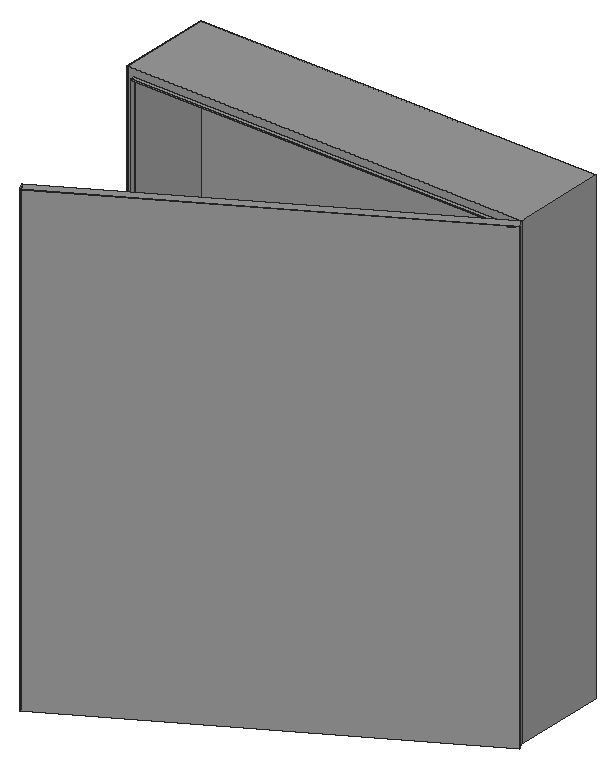
Revit family "Hager-Univers-IP44-D205-H950-Cl.I-encl-NoHosted-PL-pl", category Electrical Equipment, Revit 2020
Family settings
  Panel Configuration = Two Columns, Circuits Across
  Round Connector Dimension = Use Diameter
  Part Type = Panelboard
  Work Plane-Based = Yes
  Always vertical = Yes
  Cut with Voids When Loaded = No
  Shared = No
  Room Calculation Point = No
Parameters (values of type "Montaż natynkowy IP44 S800 W950 G205  - FP63TN2")
  Width Control [instance] = if([EF000008 - Szerokość] > Min Width, [EF000008 - Szerokość], Min Width)  # 800 mm
  Type Comments = [HG000003 - Zakres]  # "Univers"
  Thickness Door [instance] = if([EF009171 - Drzwi/pokrywa z materiału o wysokiej wytrzymałości mechanicznej] > 3 mm, 3 mm, [EF009171 - Drzwi/pokrywa z materiału o wysokiej wytrzymałości mechanicznej])  # 1 mm
  Seal Frame Offset [instance] = 17 mm  # constant formula
  Plinth Visibility [instance] = [HG000027 - Wysokość cokołu] > 0 mm  # no
  Min Width [instance] = 100 mm  # constant formula
  Min Depth [instance] = (2 * [EF009170 - Obudowa z materiału o wysokiej wytrzymałości mechanicznej]) + 1 mm  # 3 mm
  Min Height [instance] = 100 mm  # constant formula
  Internal Frame Depth [instance] = (Door System Depth * 0.5)  # 9 mm
  Panel Name [instance] = ""  # (empty or 0)
  Model = ""
  HG000027 - Wysokość cokołu = 0 mm
  HG000026 - Stojąca = no
  HG000024 - Wysokość części dolnej = 600 mm
  HG000023 - Obudowa dwusekcyjna = no
  HG000016 - Widoczność drzwi w widoku 3D [instance] = yes
  HG000015 - Przestrzeń robocza - otwarcie drzwi [instance] = no
  HG000014 - Drzwi prawe [instance] = yes
  HG000013 - Drzwi lewe [instance] = not([HG000014 - Drzwi prawe])  # no
  HG000012 - Kąt otwarcia drzwi [instance] = 30.00°
  HG000010 - Drzwi asymetryczne = no
  HG000009 - Drzwi dwuskrzydłowe = no
  HG000006 - Montaż podtynkowy = no
  HG000004 - Referencja producenta = "FP63TN2"
  HG000003 - Zakres = "Univers"
  HG000002 - Z drzwiami lub pokrywą = yes
  Frame Offset Bottom [instance] = 10 mm  # constant formula
  Frame Offset [instance] = 15 mm  # constant formula
  EF015940 - Pokrywa z wyzwalaczem nadciśnieniowym = no
  EF011959 - Stopień ochrony (NEMA) = ""
  EF009554 - Liczba otworów pod flansze = 6
  EF009212 - Wykonanie pokrywy = "EV000116 - Zamknięty"
  EF009171 - Drzwi/pokrywa z materiału o wysokiej wytrzymałości mechanicznej = 1 mm
  EF009170 - Obudowa z materiału o wysokiej wytrzymałości mechanicznej = 1 mm
  EF008873 - Prąd znamionowy (In) = 250 A
  EF007800 - Do ochrony odgromowej = no
  EF006306 - Z zamkiem = no
  EF006244 - Transparentna pokrywa/drzwi = no
  EF005474 - Stopień ochrony (IP) = "EV006418 - IP44"
  EF004464 - Rodzaj drzwi = "EV002646 - Pojedynczy"
  EF004427 - Liczba modułów = 216
  EF004293 - Odporność udarowa = "EV006815 - IK09"
  EF003532 - Do zastosowań zewnętrznych = no
  EF002950 - Szerokość wyrażona liczbą modułów = 36
  EF001613 - Podtrzymanie funkcji = "EV000494 - Brak"
  EF001596 - Materiał obudowy = "EV000179 - Stal"
  EF001131 - Głębokość wewnętrzna = 130 mm
  EF001088 - Możliwość rozbudowy = yes
  EF000437 - Liczba wejść kablowych = 6
  EF000339 - Rodzaj pokrywy = "EV001012 - Pokrywa"
  EF000266 - Liczba rzędów = 6
  EF000218 - Głębokość wbudowania = 205 mm
  EF000118 - Z płytą montażową = no
  EF000116 - Numer RAL = "9010"
  EF000049 - Głębokość = 205 mm
  EF000040 - Wysokość = 950 mm
  EF000008 - Szerokość = 800 mm
  EF000007 - Kolor = "EV000202 - Biały"
  EF000003 - Sposób montażu = "EV000384 - Montaż natynkowy"
  Door System Leaf Tolerance [instance] = 1.5 mm  # constant formula
  Door System Depth [instance] = 18 mm  # constant formula
  Door Height [instance] = Height Control - [HG000027 - Wysokość cokołu]  # 950 mm
  Description = ""
  Default Elevation = 1219.2 mm
  Connector Offset [instance] = Height Control / 2  # 475 mm
  Manufacturer = "Hager"  # constant formula
  Height Control [instance] = if([EF000040 - Wysokość] > Min Height, [EF000040 - Wysokość], Min Height)  # 950 mm
  Depth Control [instance] = if([EF000049 - Głębokość] > Min Depth, [EF000049 - Głębokość], Min Depth)  # 205 mm
  Bottom Top Plate Trim [instance] = 1.5 mm  # constant formula
  Plinth height Ctrl [instance] = if([HG000027 - Wysokość cokołu] > 0 mm, [HG000027 - Wysokość cokołu], 12 mm)  # 12 mm
Types (5, lengths in mm): name | Width Control | HG000010 - Drzwi asymetryczne | HG000009 - Drzwi dwuskrzydłowe | HG000004 - Referencja producenta | EF009554 - Liczba otworów pod flansze | EF004464 - Rodzaj drzwi | EF004427 - Liczba modułów | EF002950 - Szerokość wyrażona liczbą modułów | EF000437 - Liczba wejść kablowych | EF000008 - Szerokość
  Montaż natynkowy IP44 S1050 W950 G205  - FP64TN2 | 1050 | no | yes | "FP64TN2" | 8 | "EV003602 - Podwójny" | 288 | 48 | 8 | 1050
  Montaż natynkowy IP44 S1300 W950 G205  - FP65TN2 | 1300 | yes | yes | "FP65TN2" | 10 | "EV003602 - Podwójny" | 360 | 60 | 10 | 1300
  Montaż natynkowy IP44 S300 W950 G205  - FP61TN2 | 300 | no | no | "FP61TN2" | 2 | "EV002646 - Pojedynczy" | 72 | 12 | 2 | 300
  Montaż natynkowy IP44 S550 W950 G205  - FP62TN2 | 550 | no | no | "FP62TN2" | 4 | "EV002646 - Pojedynczy" | 144 | 24 | 4 | 550
  Montaż natynkowy IP44 S800 W950 G205  - FP63TN2 | 800 | no | no | "FP63TN2" | 6 | "EV002646 - Pojedynczy" | 216 | 36 | 6 | 800
Reference planes
  plane 1 "Center (Front/Back)": y = 0
  plane 2: z = 0
  plane 3 "Center (Left/Right)": x = 0
  plane 4: y = 0
  plane 5: y = 0
  plane 6: z = 0
  plane 7: x = -400
  plane 8: x = 400
  plane 9: x = 399
  plane 10: x = -399
  plane 11: z = 0
  plane 12: z = 1
  plane 13: y = -205
  plane 14: y = -1
  plane 15: x = 0
  plane 16: y = -187
  plane 17: y = -204
  plane 18: y = -186
  plane 19: x = -384
  plane 20: x = 384
  plane 21: z = 11
  plane 22: x = -383
  plane 23: x = 383
  plane 24: z = 0
  plane 25: z = 950
  plane 26: z = 950
  plane 27: z = 934
  plane 28: z = 949
Forms (mm)
  Extrusion 1, solid, material "Hager_Steel_RAL7035_Light_Grey", detail levels medium+fine
    sketch origin (-208.679, -4572, 0) x (-1, 0, 0) y (0, -1, 0)
      loop
        line (191.321, -4385) -> (-608.679, -4385) -> (-608.679, -4572) -> (191.321, -4572) -> (191.321, -4385)
    from 0 to 950
  Extrusion 2, void
    sketch origin (-350.771, -205, 1219.2) x (1, 0, 0) y (0, 0, 1)
      loop
        line (-48.229, -270.2) -> (-48.229, -1218.2) -> (749.771, -1218.2) -> (749.771, -270.2) -> (-48.229, -270.2)
    from -19 to -204
  Extrusion 3, void
    sketch origin (-290.084, -187, 1219.2) x (1, 0, 0) y (0, 0, 1)
      loop
        line (-93.916, -1208.2) -> (674.084, -1208.2) -> (674.084, -285.2) -> (-93.916, -285.2) -> (-93.916, -1208.2)
    from 0 to -1
  Extrusion 4, solid, material "Hager_Steel_RAL7035_Light_Grey", visible <- "Plinth Visibility", detail levels medium+fine
    sketch origin (0, 0, 0) x (1, 0, 0) y (0, 1, 0)
      loop
        line (-400, 0) -> (-400, -187) -> (400, -187) -> (400, 0) -> (-400, 0)
    from 0 to 12 <- "Plinth height Ctrl"
  Extrusion 5, solid, material "Hager_Steel_RAL7035_Light_Grey", detail levels coarse
    sketch origin (0, 0, 0) x (1, 0, 0) y (0, 1, 0)
      loop
        line (-400, 0) -> (-400, -205) -> (400, -205) -> (400, 0) -> (-400, 0)
    from 0 to 950 <- "Height Control"
  Sweep 6, void
    path in 3D
      loop
        line (-400, -187, 12) -> (400, -187, 12) -> (400, 0, 12) -> (-400, 0, 12) -> (-400, -187, 12)
    profile origin (-400, -93.5, 12) x (1, 0, 0) y (0, 0, 1)
      loop
        line (0, 0) -> (0, -1.5) -> (1.5, -1.5)
        arc (1.5, -1.5) -> (1.061, -0.439) -> (0, 0) r 1.5
  Extrusion 7, solid, material "Hager_Steel_RAL7035_Light_Grey", detail levels fine
    sketch origin (-400, -187, 0) x (1, 0, 0) y (0, 0, 1)
      loop
        line (16, 11) -> (784, 11) -> (784, 934) -> (16, 934) -> (16, 11)
      loop
        line (15, 10) -> (785, 10) -> (785, 935) -> (15, 935) -> (15, 10)
    from 0 to 9 <- "Internal Frame Depth"
Cuts and joins
  Extrusion 2, Extrusion 3 cuts Extrusion 1
  Sweep 6 cuts Extrusion 4
Lines and regions (mm)
  Masking region 1
    outline origin (0, 0, 0) x (1, 0, 0) y (0, 1, 0)
      loop
        line (-400, 0) -> (-400, -205) -> (400, -205) -> (400, 0) -> (-400, 0)
  Masking region 2, detail levels coarse
    outline origin (-290.084, -187, 1219.2) x (-1, 0, 0) y (0, 0, 1)
      loop
        line (-690.084, -1219.2) -> (109.916, -1219.2) -> (109.916, -269.2) -> (-690.084, -269.2) -> (-690.084, -1219.2)
  Masking region 3, detail levels coarse
    outline origin (0, 0, 0) x (0, 1, 0) y (0, 0, 1)
      loop
        line (0, 0) -> (0, 950) -> (-205, 950) -> (-205, 0) -> (0, 0)
  Masking region 4, visible <- "Plinth Visibility", detail levels medium+fine
    outline origin (0, 0, 0) x (0, 1, 0) y (0, 0, 1)
      loop
        line (-1.5, 12) -> (-185.5, 12)
        arc (-185.5, 12) -> (-185.939, 10.939) -> (-187, 10.5) r 1.5
        line (-187, 10.5) -> (-187, 0) -> (0, 0) -> (0, 10.5)
        arc (0, 10.5) -> (-1.061, 10.939) -> (-1.5, 12) r 1.5
  Masking region 5, detail levels medium+fine
    outline origin (0, 0, 594.038) x (0, 1, 0) y (0, 0, 1)
      loop
        line (0, -594.038) -> (0, 355.962) -> (-187, 355.962) -> (-187, -594.038) -> (0, -594.038)
  Masking region 6, detail levels medium+fine
    outline origin (-359.7, -187, 1211.883) x (-1, 0, 0) y (0, 0, 1)
      loop
        line (-759.7, -1211.883) -> (40.3, -1211.883) -> (40.3, -261.883) -> (-759.7, -261.883) -> (-759.7, -1211.883)
  Masking region 7, visible <- "Plinth Visibility", detail levels medium+fine
    outline origin (-320.334, -187, 1041.368) x (-1, 0, 0) y (0, 0, 1)
      loop
        line (-720.334, -1041.368) -> (79.666, -1041.368) -> (79.666, -1030.868)
        arc (79.666, -1030.868) -> (78.606, -1030.429) -> (78.166, -1029.368) r 1.5
        line (78.166, -1029.368) -> (-718.834, -1029.368)
        arc (-718.834, -1029.368) -> (-719.273, -1030.429) -> (-720.334, -1030.868) r 1.5
        line (-720.334, -1030.868) -> (-720.334, -1041.368)
  sketch lines
    curve 1: line (-400, 0, 12) -> (-400, -187, 12)
    curve 2: line (-400, -187, 12) -> (400, -187, 12)
    curve 3: line (400, 0, 12) -> (-400, 0, 12)
    curve 4: line (400, -187, 12) -> (400, 0, 12)
Dimensions and locks
  locked: plane 1 "Center (Front/Back)" to plane 5
  "EF009170 - Obudowa z materiału o wysokiej wytrzymałości mechanicznej": plane 7 to plane 10
  "EF009170 - Obudowa z materiału o wysokiej wytrzymałości mechanicznej": plane 8 to plane 9
  equal spacing: plane 7, plane 3 "Center (Left/Right)", plane 8
  "Width Control": plane 7 to plane 8
  "Depth Control": plane 4 to plane 13
  "EF009170 - Obudowa z materiału o wysokiej wytrzymałości mechanicznej": plane 4 to plane 14
  "Height Control": plane 25 to level
  "HG000027 - Wysokość cokołu": plane 11 to level
  "EF009170 - Obudowa z materiału o wysokiej wytrzymałości mechanicznej": plane 12 to plane 11
  "EF009170 - Obudowa z materiału o wysokiej wytrzymałości mechanicznej": plane 17 to plane 13
  "EF009170 - Obudowa z materiału o wysokiej wytrzymałości mechanicznej": plane 18 to plane 16
  "Frame Offset Bottom": plane 21 to plane 12
  "Frame Offset": plane 10 to plane 19
  "Frame Offset": plane 9 to plane 20
  "Door System Depth": plane 16 to plane 13
  "Seal Frame Offset": plane 7 to plane 22
  "Seal Frame Offset": plane 8 to plane 23
  "EF009170 - Obudowa z materiału o wysokiej wytrzymałości mechanicznej": plane 26 to plane 28
  "Frame Offset": plane 28 to plane 27
  "Connector Offset": plane 2 to connector elem
  "Bottom Top Plate Trim": profile plane to Sweep 6 sketch curve
  "Bottom Top Plate Trim": Sweep 6 sketch curve to Sweep 6 sketch curve
  "Plinth height Ctrl": Masking region 4 sketch curve to level
  "Plinth height Ctrl": Masking region 7 sketch curve to level
  "Thickness Door": Extrusion 7 sketch curve to Extrusion 7 sketch curve  (x4)
  "Bottom Top Plate Trim": radius of Sweep 6 sketch curve
  "Bottom Top Plate Trim": radius of Masking region 4 sketch curve  (x2)
  "Bottom Top Plate Trim": radius of Masking region 7 sketch curve  (x2)
  aligned and locked: Extrusion 2 sketch curve to plane 12
  aligned and locked: Extrusion 2 sketch curve to plane 9
  aligned and locked: Extrusion 2 sketch curve to plane 10
  aligned and locked: Extrusion 2 to plane 14
  aligned and locked: Extrusion 1 sketch curve to plane 4
  aligned and locked: plane 8 to Extrusion 1 sketch curve
  aligned and locked: plane 7 to Extrusion 1 sketch curve
  aligned and locked: Extrusion 2 to plane 18
  aligned and locked: Extrusion 3 sketch curve to plane 19
  aligned and locked: plane 20 to Extrusion 3 sketch curve
  aligned and locked: Extrusion 3 to Extrusion 2
  aligned and locked: Extrusion 3 sketch curve to plane 21
  aligned and locked: plane 3 "Center (Left/Right)" to nested 1
  aligned and locked: Extrusion 1 sketch curve to plane 16
  aligned and locked: Extrusion 4 sketch curve to cut or joined group of Extrusion 1, Extrusion 2, Extrusion 3
  aligned and locked: Masking region 1 sketch curve to plane 7
  aligned and locked: Masking region 1 sketch curve to plane 5
  aligned and locked: Masking region 1 sketch curve to plane 8
  aligned and locked: Masking region 2 sketch curve to level
  aligned and locked: level to Masking region 3 sketch curve
  aligned and locked: plane 1 "Center (Front/Back)" to Masking region 3 sketch curve
  aligned and locked: plane 13 to Masking region 3 sketch curve
  aligned and locked: plane 5 to Masking region 4 sketch curve
  aligned and locked: Masking region 2 sketch curve to plane 8
  aligned and locked: Masking region 2 sketch curve to plane 7
  aligned and locked: plane 7 to nested 2
  aligned and locked: nested 2 to plane 5
  aligned and locked: plane 5 to Masking region 5 sketch curve
  aligned and locked: plane 26 to Masking region 5 sketch curve
  aligned and locked: Extrusion 5 sketch curve to plane 8
  aligned and locked: Extrusion 5 sketch curve to plane 7
  aligned and locked: Extrusion 5 sketch curve to plane 5
  aligned and locked: Extrusion 3 sketch curve to plane 27
  aligned and locked: Extrusion 2 sketch curve to plane 28
  aligned and locked: Masking region 2 to plane 25
  aligned and locked: Extrusion 4 to plane 16
  aligned and locked: profile plane to Sweep 6 sketch curve
  aligned and locked: Masking region 5 sketch curve to plane 24
  aligned and locked: level to Masking region 4 sketch curve
  aligned and locked: Masking region 1 to plane 13
  aligned and locked: nested 1 to plane 16
  aligned and locked: Masking region 3 to plane 25
  aligned and locked: plane 16 to Masking region 4 sketch curve
  aligned and locked: Masking region 5 sketch curve to plane 16
  aligned and locked: plane 24 to plane 11
  aligned and locked: plane 26 to plane 25
  aligned and locked: plane 26 to cut or joined group of Extrusion 1, Extrusion 2, Extrusion 3
  aligned and locked: nested 1 to plane 24
  aligned and locked: Extrusion 1 to Extrusion 3
  aligned and locked: Masking region 6 sketch curve to plane 8
  aligned and locked: Masking region 6 sketch curve to plane 24
  aligned and locked: Masking region 6 sketch curve to plane 7
  aligned and locked: Masking region 6 sketch curve to plane 26
  aligned and locked: Masking region 7 sketch curve to plane 7
  aligned and locked: level to Masking region 7 sketch curve
  aligned and locked: Masking region 7 sketch curve to plane 8
  aligned and locked: Extrusion 7 sketch curve to cut or joined group of Extrusion 1, Extrusion 2, Extrusion 3  (x4)
Automatic sketch dimensions
  plane 19 to Extrusion 3 sketch curve = 0 mm
  Extrusion 3 sketch curve to plane 20 = 0 mm
  Extrusion 3 sketch curve to plane 21 = 0 mm
  Extrusion 4 sketch curve to plane 7 = 0 mm
  Extrusion 4 sketch curve to plane 8 = 0 mm
  Extrusion 4 sketch curve to plane 16 = 0 mm
  Masking region 1 sketch curve to plane 13 = 0 mm
  Masking region 2 sketch curve to plane 25 = 0 mm
  Masking region 3 sketch curve to plane 25 = 0 mm
  Extrusion 5 sketch curve to plane 13 = 0 mm
  profile plane to Sweep 6 sketch curve = 0 mm
Nested families
  nested 1: "EC000058_Univers_Door" at (0, -187, 0), Double <- "HG000009 - Drzwi dwuskrzydłowe", Transparent <- "EF006244 - Transparentna pokrywa/drzwi", Angle <- "HG000012 - Kąt otwarcia drzwi", Door_Right <- "HG000014 - Drzwi prawe", Assymetrical <- "HG000010 - Drzwi asymetryczne", Door <- "HG000002 - Z drzwiami lub pokrywą", Width_Ctrl <- "Width Control", 3d_Door <- "HG000016 - Widoczność drzwi w widoku 3D", Clearance <- "HG000015 - Przestrzeń robocza - otwarcie drzwi", Door_Left <- "HG000013 - Drzwi lewe", Width <- "Width Control", Door_Depth <- "Door System Depth", Leaf_Tolerance <- "Door System Leaf Tolerance", Height <- "Door Height", Lock_Visibility <- "EF006306 - Z zamkiem", Thickness <- "Thickness Door", type "EC000058_Univers_Door", detail levels medium+fine
    with min_wh 3 mm, Width_Ctrl 800 mm, Width 800 mm, Transparent no, Thickness 1 mm, Seal_Material Hager_Rubber, Lock_Visibility no, Lock_Material Hager_Plastic_RAL9005_Jet_Black, Leaf_Width 800 mm, Leaf_Tolerance_External_Sides 0 mm, Leaf_Tolerance 1.5 mm, Leaf_Offset 0 mm, Leaf_Height 947 mm, Leaf_2_Width 800 mm, Leaf_2_Offset 400 mm, Leaf_1_Width 800 mm, Leaf_1_Offset 400 mm, Height_Ctrl 950 mm, Height 950 mm, Glass_Material Hager_Glass, Double_Clearance_Ctrl no, Double no, Door_Right_Ctrl yes, Door_Right yes, Door_Material Hager_Steel_RAL7035_Light_Grey, Door_Left_Ctrl no, Door_Left no, Door_Depth 18 mm, Door yes, Clearance_Material Hager_Clearance, Clearance_Depth 800 mm, Clearance_Ctrl no, Clearance no, Assymetrical no, Angle 30.00°, 3d_Door yes
  nested 2: "Hager_Enclosure_Symbol" at (-400, 0, 0), Height <- "Depth Control", Width <- "Width Control", type "Hager_Enclosure_Symbol"
    with Width_Ctrl 800 mm, Width 800 mm, Height_Ctrl 205 mm, Height 205 mm, A_Width_Int 13.453 mm, A_Width 161.438 mm, A_Height_Ctrl 179.375 mm, A_Height 179.375 mm
Connectors
  electrical at (0, 0, 475)
    settings: on plane 1 "Center (Front/Back)", index 1, voltage 0 V, apparent load 0 VA, apparent load phase1 0 VA, apparent load phase2 0 VA, apparent load phase3 0 VA, power factor 1, load classification "Other", number of poles 1, system type 30, power factor state 1, is connector primary yes, connector utility no, sub classification motor no, connector description ""
Definition of nested family "EC000058_Univers_Door"
  Parameters (values of type "EC000058_Univers_Door")
    min_wh [instance] = (2 * Thickness) + 1 mm  # 11 mm
    Width_Ctrl [instance] = 400 mm
    Width [instance] = 500 mm
    Transparent [instance] = yes
    Thickness [instance] = 5 mm
    Seal_Material [instance] = none
    Lock_Visibility [instance] = yes
    Lock_Material [instance] = none
    Leaf_Width [instance] = if((Width_Ctrl - 2 * Leaf_Tolerance_External_Sides) > 0 mm, (Width_Ctrl - 2 * Leaf_Tolerance_External_Sides), min_wh)  # 400 mm
    Leaf_Tolerance_External_Sides [instance] = 0 mm  # constant formula
    Leaf_Tolerance [instance] = 1.5 mm
    Leaf_Offset [instance] = 0 mm  # constant formula
    Leaf_Height [instance] = if((Height_Ctrl - 2 * Leaf_Tolerance) > 0 mm, (Height_Ctrl - 2 * Leaf_Tolerance), min_wh)  # 497 mm
    Leaf_2_Width [instance] = if(and(and(Double, Assymetrical), Door_Left), (Leaf_Width / 3) - (Leaf_Tolerance / 2), if(and(and(Double, Assymetrical), Door_Right), (Leaf_Width / 3) * 2 - (Leaf_Tolerance / 2), if(and(Double, not(Assymetrical)), (Leaf_Width / 2) - Leaf_Tolerance, Leaf_Width)))  # 400 mm
    Leaf_2_Offset [instance] = if(and(Double, Assymetrical), Leaf_2_Width / 2, if(and(Double, not(Assymetrical)), Leaf_Width / 4, Leaf_Width / 2))  # 200 mm
    Leaf_1_Width [instance] = if(and(and(Double, Assymetrical), Door_Right), (Leaf_Width / 3) - (Leaf_Tolerance / 2), if(and(and(Double, Assymetrical), Door_Left), (Width / 3) * 2 - (Leaf_Tolerance / 2), if(and(Double, not(Assymetrical)), (Leaf_Width / 2) - Leaf_Tolerance, Leaf_Width)))  # 400 mm
    Leaf_1_Offset [instance] = if(and(Double, Assymetrical), Leaf_1_Width / 2, if(and(Double, not(Assymetrical)), Leaf_Width / 4, Leaf_Width / 2))  # 200 mm
    Height_Ctrl [instance] = if(Height > min_wh, Height, min_wh)  # 500 mm
    Height [instance] = 500 mm
    Glass_Material [instance] = none
    Double_Clearance_Ctrl [instance] = and(Double, Clearance)  # no
    Double [instance] = no
    Door_Right_Ctrl [instance] = and(or(Door_Right, Double), Door)  # yes
    Door_Right [instance] = yes
    Door_Material [instance] = none
    Door_Left_Ctrl [instance] = and(or(Door_Left, Double), Door)  # no
    Door_Left [instance] = no
    Door_Depth [instance] = 30 mm
    Door [instance] = yes
    Default Elevation = 1219.2 mm
    Clearance_Material [instance] = none
    Clearance_Depth [instance] = if(Leaf_1_Width > Leaf_2_Width, Leaf_1_Width, Leaf_2_Width)  # 400 mm
    Clearance_Ctrl [instance] = and(not(Double), Clearance)  # yes
    Clearance [instance] = yes
    Assymetrical [instance] = yes
    Angle [instance] = 30.00°
    3d_Door [instance] = yes
  Reference planes
    plane 1 "Center (Front/Back)": y = 0
    plane 2 "Bottom": z = 0
    plane 3 "Center (Left/Right)": x = 0
    plane 4: z = 500
    plane 5: x = -200
    plane 6: x = 200
    plane 7: z = 500
    plane 8: x = -200
    plane 9: z = 0
    plane 10: x = 200
    plane 11: y = 0
    plane 12: z = 1.5
    plane 13: x = -600
    plane 14: y = -400
    plane 15: x = 600
    plane 16: x = 0
    plane 17: x = 0
    plane 18: x = -200
    plane 19: x = 200
    plane 20: z = 498.5
  Forms (mm)
    Extrusion 1, solid, material <- "Clearance_Material", visible <- "Double_Clearance_Ctrl"
      sketch origin (1200, 0, 0) x (1, 0, 0) y (0, 0, -1)
        loop
          line (-1800, -498.5) -> (-600, -498.5) -> (-600, 0) -> (-1800, 0) -> (-1800, -498.5)
      from 0 to -400
  Dimensions and locks
    equal spacing: plane 5, plane 3 "Center (Left/Right)", plane 6
    "Width_Ctrl": plane 5 to plane 6
    "Leaf_Offset": plane 5 to plane 8
    "Leaf_Offset": plane 6 to plane 10
    "Leaf_Offset": plane 9 to level
    "Leaf_Offset": plane 4 to plane 7
    "Height_Ctrl": plane 4 to level
    "Leaf_Tolerance": plane 12 to plane 9
    locked: plane 11 to plane 1 "Center (Front/Back)"
    "Leaf_1_Offset": plane 18 to plane 16
    "Leaf_2_Offset": plane 17 to plane 19
    "Leaf_1_Width": plane 13 to plane 8
    "Leaf_2_Width": plane 10 to plane 15
    "Clearance_Depth": plane 14 to plane 1 "Center (Front/Back)"
    "Leaf_Tolerance_External_Sides": plane 8 to plane 18
    "Leaf_Tolerance_External_Sides": plane 19 to plane 10
    "Leaf_Tolerance": plane 7 to plane 20
    aligned and locked: level to plane 2 "Bottom"
    aligned and locked: nested 1 to plane 16
    aligned and locked: nested 2 to plane 17
    aligned and locked: Extrusion 1 to plane 13
    aligned and locked: plane 15 to Extrusion 1
    aligned and locked: Extrusion 1 to plane 14
    aligned and locked: plane 12 to nested 1
    aligned and locked: nested 2 to plane 12
    aligned and locked: Extrusion 1 to plane 11
    aligned and locked: plane 20 to Extrusion 1
    aligned and locked: nested 2 to plane 11
    aligned and locked: nested 1 to plane 11
  Automatic sketch dimensions
    Extrusion 1 sketch curve to level = 0 mm
    plane 5 to Extrusion 1 sketch curve = 400 mm
    plane 6 to Extrusion 1 sketch curve = 400 mm
    Extrusion 1 sketch curve to plane 4 = 1.5 mm
  Nested families
    nested 1: "EC000058_Univers_Door_Leaf" at (0, 0, 1.5), Width <- "Leaf_1_Width", visible <- "Door_Left_Ctrl", Leaf_Height <- "Leaf_Height", Angle <- "Angle", 3d_Door <- "3d_Door", Transparent <- "Transparent", Clearance Material <- "Clearance_Material", Clearance <- "Clearance_Ctrl", Door_Material <- "Door_Material", Glass_Material <- "Glass_Material", Door_Depth <- "Door_Depth", Lock_Material <- "Lock_Material", Seal_Material <- "Seal_Material", Lock_Visibility <- "Lock_Visibility", Thickness <- "Thickness", type "EC000058_Univers_Door_Leaf"
      with Width 400 mm, Transparent_Glass_Offset 30 mm, Transparent_Ctrl yes, Transparent yes, Thickness 5 mm, Standard no, Seal_Material none, Seal_D2 8 mm, Seal_D1 1 mm, Offset_Internal_Frame 10 mm, Lock_Width 20 mm, Lock_Visibility_3d yes, Lock_Visibility yes, Lock_Thickness_3 3 mm, Lock_Thickness_2 1 mm, Lock_Thickness_1 3 mm, Lock_Radius_Offset_2 16 mm, Lock_Radius_Offset_1 15 mm, Lock_Radius_2 5 mm, Lock_Radius 6 mm, Lock_Offset 5 mm, Lock_Material none, Lock_Height 80 mm, Lock_Cover_Top_Offset_2d 17 mm, Lock_Cover_Height -65 mm, Leaf_Height 497 mm, Internal_Seal_Thickness 8 mm, Internal_Seal_Depth_2 4.5 mm, Internal_Frame_Depth 25 mm, Glass_Thickness -1 mm, Glass_Offset -2 mm, Glass_Material none, Door_Material none, Door_Depth 30 mm, Clearance Material none, Clearance yes, Angle_Ctrl 30.00°, Angle 30.00°, 3d_Door yes
    nested 2: "EC000058_Univers_Door_Leaf" at (0, 0, 1.5) x (-1, 0, 0) z (0, 0, 1), Width <- "Leaf_2_Width", visible <- "Door_Right_Ctrl", Leaf_Height <- "Leaf_Height", Angle <- "Angle", 3d_Door <- "3d_Door", Transparent <- "Transparent", Clearance Material <- "Clearance_Material", Clearance <- "Clearance_Ctrl", Door_Material <- "Door_Material", Glass_Material <- "Glass_Material", Door_Depth <- "Door_Depth", Lock_Material <- "Lock_Material", Seal_Material <- "Seal_Material", Lock_Visibility <- "Lock_Visibility", Thickness <- "Thickness", type "EC000058_Univers_Door_Leaf"
      with Width 400 mm, Transparent_Glass_Offset 30 mm, Transparent_Ctrl yes, Transparent yes, Thickness 5 mm, Standard no, Seal_Material none, Seal_D2 8 mm, Seal_D1 1 mm, Offset_Internal_Frame 10 mm, Lock_Width 20 mm, Lock_Visibility_3d yes, Lock_Visibility yes, Lock_Thickness_3 3 mm, Lock_Thickness_2 1 mm, Lock_Thickness_1 3 mm, Lock_Radius_Offset_2 16 mm, Lock_Radius_Offset_1 15 mm, Lock_Radius_2 5 mm, Lock_Radius 6 mm, Lock_Offset 5 mm, Lock_Material none, Lock_Height 80 mm, Lock_Cover_Top_Offset_2d 17 mm, Lock_Cover_Height -65 mm, Leaf_Height 497 mm, Internal_Seal_Thickness 8 mm, Internal_Seal_Depth_2 4.5 mm, Internal_Frame_Depth 25 mm, Glass_Thickness -1 mm, Glass_Offset -2 mm, Glass_Material none, Door_Material none, Door_Depth 30 mm, Clearance Material none, Clearance yes, Angle_Ctrl 30.00°, Angle 30.00°, 3d_Door yes
  Definition of nested family "EC000058_Univers_Door_Leaf"
    Parameters (values of type "EC000058_Univers_Door_Leaf")
      Width [instance] = 2000 mm
      Transparent_Glass_Offset [instance] = 30 mm
      Transparent_Ctrl [instance] = and(Transparent, [3d_Door])  # yes
      Transparent [instance] = yes
      Thickness [instance] = 5 mm
      Standard [instance] = and(not(Transparent), [3d_Door])  # no
      Seal_Material [instance] = none
      Seal_D2 [instance] = 8 mm  # constant formula
      Seal_D1 [instance] = 1 mm  # constant formula
      Offset_Internal_Frame [instance] = 10 mm  # constant formula
      Lock_Width [instance] = 20 mm  # constant formula
      Lock_Visibility_3d [instance] = and(Lock_Visibility, [3d_Door])  # yes
      Lock_Visibility [instance] = yes
      Lock_Thickness_3 [instance] = 3 mm  # constant formula
      Lock_Thickness_2 [instance] = 1 mm  # constant formula
      Lock_Thickness_1 [instance] = 3 mm  # constant formula
      Lock_Radius_Offset_2 [instance] = Lock_Radius_Offset_1 + 1 mm  # 16 mm
      Lock_Radius_Offset_1 [instance] = 15 mm  # constant formula
      Lock_Radius_2 [instance] = Lock_Radius - 1 mm  # 5 mm
      Lock_Radius [instance] = 6 mm  # constant formula
      Lock_Offset [instance] = 5 mm  # constant formula
      Lock_Material [instance] = none
      Lock_Height [instance] = 80 mm  # constant formula
      Lock_Cover_Top_Offset_2d [instance] = Lock_Radius_Offset_2 + 1 mm  # 17 mm
      Lock_Cover_Height [instance] = -(Lock_Height - Lock_Radius_Offset_1)  # -65 mm
      Leaf_Height [instance] = 2720.336 mm
      Internal_Seal_Thickness [instance] = 8 mm  # constant formula
      Internal_Seal_Depth_2 [instance] = 4.5 mm  # constant formula
      Internal_Frame_Depth [instance] = if(Door_Depth - Thickness > 5 mm, Door_Depth - Thickness, 5 mm)  # 25 mm
      Glass_Thickness [instance] = if(Thickness > 15 mm, Glass_Offset + 10 mm, -1 mm)  # -1 mm
      Glass_Offset [instance] = if(Thickness > 15 mm, -(Thickness + 10 mm) / 2, -2 mm)  # -2 mm
      Glass_Material [instance] = none
      Door_Material [instance] = none
      Door_Depth [instance] = 30 mm
      Default Elevation = 0 mm
      Clearance Material [instance] = none
      Clearance [instance] = yes
      Angle_Ctrl [instance] = if(Angle > 180.00°, 180.00°, Angle)  # 90.00°
      Angle [instance] = 90.00°
      3d_Door [instance] = yes
    Reference planes
      plane 1 "Center (Front/Back)": y = 0
      plane 2: z = 0
      plane 3 "Center (Left/Right)": x = 0
      plane 4: y = 2000
      plane 5: x = -1000
      plane 6: x = 1000
      plane 7: x = -3000
      plane 8: z = 2720.336
      plane 9: z = 30
      plane 10: z = 2690.336
      plane 11: x = 970
      plane 12: x = -970
      plane 13: y = -3
      plane 14: z = 107.833
      plane 15: y = -5
      plane 16: y = -223.314
      plane 17: x = -1000
      plane 18: z = 1360.168
      plane 19: y = 30
    Forms (mm)
      Extrusion 1, solid, material <- "Clearance Material", visible <- "Clearance"
        sketch origin (0, 0, 0) x (1, 0, 0) y (0, 0, 1)
          loop
            line (-3000, 2720.336) -> (-3000, 0) -> (1000, 0) -> (1000, 2720.336) -> (-3000, 2720.336)
        from 0 to -2000
      Extrusion 2, solid, material <- "Door_Material", visible <- "Standard", detail levels medium+fine
        sketch origin (-1000, 0, 0) x (0, 1, 0) y (-1, 0, 0)
          loop
            line (0, 30) -> (0, 25) -> (2000, 25) -> (2000, 30) -> (0, 30)
        from 0 to 2720.336 <- "Leaf_Height"
      Extrusion 3, solid, material <- "Door_Material", visible <- "Transparent_Ctrl", detail levels medium+fine
        sketch origin (-1000, 0, 0) x (0, 1, 0) y (-1, 0, 0)
          loop
            line (0, 25) -> (2000, 25) -> (2000, 30) -> (0, 30) -> (0, 25)
        from 0 to 2720.336 <- "Leaf_Height"
      Extrusion 4, void
        sketch origin (-1025, 2000, 0) x (0, 1, 0) y (0, 0, -1)
          loop
            line (-30, -2690.336) -> (-30, -30) -> (-1970, -30) -> (-1970, -2690.336) -> (-30, -2690.336)
        from 0 to 5 <- "Thickness"
      Sweep 5, solid, material <- "Seal_Material", visible <- "Transparent_Ctrl", detail levels fine
        path in 3D
          loop
            line (-1025, 30, 30) -> (-1025, 30, 2690.336) -> (-1025, 1970, 2690.336) -> (-1025, 1970, 30) -> (-1025, 30, 30)
        profile origin (-1025, 1000, 30) x (1, 0, 0) y (0, 0, 1)
          loop
            line (0, 0) -> (0, -8) -> (1, -8) -> (1, 0) -> (0, 0)
      Extrusion 6, solid, material <- "Glass_Material", visible <- "Transparent_Ctrl", detail levels medium+fine
        sketch origin (-1030, 0, 0) x (0, 1, 0) y (0, 0, -1)
          loop
            line (1970, -2690.336) -> (1970, -30) -> (30, -30) -> (30, -2690.336) -> (1970, -2690.336)
        from -2 <- "Glass_Offset" to -1 <- "Glass_Thickness"
      Extrusion 7, solid, material <- "Door_Material", visible <- "3d_Door", detail levels medium+fine
        sketch origin (-1025, 2000, 0) x (0, -1, 0) y (0, 0, -1)
          loop
            line (0, -2720.336) -> (2000, -2720.336) -> (2000, 0) -> (0, 0) -> (0, -2720.336)
          loop
            line (1995, -5) -> (5, -5) -> (5, -2715.336) -> (1995, -2715.336) -> (1995, -5)
        from 0 to 25 <- "Internal_Frame_Depth"
      Sweep 8, solid, material <- "Seal_Material", visible <- "Transparent_Ctrl", detail levels fine
        path in 3D
          loop
            line (-1025, 0, 0) -> (-1025, 2000, 0) -> (-1025, 2000, 2720.336) -> (-1025, 0, 2720.336) -> (-1025, 0, 0)
        profile origin (-1025, 0, 1360.168) x (1, 0, 0) y (0, 1, 0)
          loop
            line (0, 10) -> (2.975, 10)
            arc (2.975, 10) -> (4.053, 10.447) -> (4.5, 11.525) r 1.525
            line (4.5, 11.525) -> (4.5, 16.527)
            arc (4.5, 16.527) -> (4.069, 17.569) -> (3.027, 18) r 1.473
            line (3.027, 18) -> (0, 18) -> (0, 10)
      Extrusion 9, solid, material <- "Lock_Material", visible <- "Lock_Visibility_3d", detail levels fine
        sketch origin (-1030, 0, 0) x (0, 1, 0) y (0, 0, -1)
          loop
            arc (1993.5, -1400.168) -> (1994.561, -1399.729) -> (1995, -1398.668) r 1.5
            line (1995, -1398.668) -> (1995, -1320.168) -> (1975, -1320.168) -> (1975, -1398.668)
            arc (1975, -1398.668) -> (1975.439, -1399.729) -> (1976.5, -1400.168) r 1.5
            line (1976.5, -1400.168) -> (1993.5, -1400.168)
        from 3 <- "Lock_Thickness_1" to 0
      Blend 10, solid, material <- "Lock_Material", visible <- "Lock_Visibility_3d", detail levels fine
        base sketch origin (-1033, 0, 0) x (0, 1, 0) y (0, 0, -1)
          loop
            line (1975, -1320.168) -> (1975, -1398.668)
            arc (1975, -1398.668) -> (1975.439, -1399.729) -> (1976.5, -1400.168) r 1.5
            line (1976.5, -1400.168) -> (1993.5, -1400.168)
            arc (1993.5, -1400.168) -> (1994.561, -1399.729) -> (1995, -1398.668) r 1.5
            line (1995, -1398.668) -> (1995, -1320.168) -> (1975, -1320.168)
        top sketch origin (-1033, 0, 0) x (0, 1, 0) y (0, 0, -1)
          loop
            line (1976, -1320.168) -> (1976, -1398.668)
            arc (1976, -1398.668) -> (1976.146, -1399.022) -> (1976.5, -1399.168) r 0.5
            line (1976.5, -1399.168) -> (1993.5, -1399.168)
            arc (1993.5, -1399.168) -> (1993.854, -1399.022) -> (1994, -1398.668) r 0.5
            line (1994, -1398.668) -> (1994, -1320.168) -> (1976, -1320.168)
        from 0 to 1 <- "Lock_Thickness_2"
      Blend 11, solid, material <- "Lock_Material", visible <- "Lock_Visibility_3d", detail levels fine
        base sketch origin (-1034, 0, 0) x (0, 1, 0) y (0, 0, -1)
          loop
            line (1978, -1320.168) -> (1978, -1384.168)
            arc (1978, -1384.168) -> (1985, -1391.168) -> (1992, -1384.168) r 7
            line (1992, -1384.168) -> (1992, -1320.168) -> (1978, -1320.168)
        top sketch origin (-1034, 0, 0) x (0, 1, 0) y (0, 0, -1)
          loop
            line (1991, -1320.168) -> (1979, -1320.168) -> (1979, -1383.168)
            arc (1979, -1383.168) -> (1985, -1389.168) -> (1991, -1383.168) r 6
            line (1991, -1383.168) -> (1991, -1320.168)
        from 0 to 3 <- "Lock_Thickness_3"
      Extrusion 12, solid, material <- "Lock_Material", visible <- "Lock_Visibility_3d", detail levels fine
        sketch origin (-1030, 1975, 1320.168) x (1, 0, 0) y (0, -1, 0)
          loop
            line (-7, -19) -> (-7, -1) -> (0, -1) -> (0, 0) -> (-8, 0) -> (-8, -20) -> (0, -20) -> (0, -19) -> (-7, -19)
        from 0 to -65 <- "Lock_Cover_Height"
      Extrusion 13, void
        sketch origin (-1038, 1995, 1320.168) x (-1, 0, 0) y (0, 0, -1)
          loop
            line (-5, -65) -> (0, -65) -> (-5, -60) -> (-5, -65)
        from 0 to 20 <- "Lock_Width"
      Extrusion 14, void
        sketch origin (-1038, 1975, 1320.168) x (0, -1, 0) y (0, 0, -1)
          loop
            circle (-10, -15.995) r 6
          loop
            circle (-10, -15.995) r 5
        from 0 to 2
      Extrusion 15, solid, material <- "Lock_Material", visible <- "Lock_Visibility_3d", detail levels medium
        sketch origin (-1030, 0, 0) x (0, 1, 0) y (0, 0, -1)
          loop
            arc (1993.5, -1400.168) -> (1994.561, -1399.729) -> (1995, -1398.668) r 1.5
            line (1995, -1398.668) -> (1995, -1320.168) -> (1975, -1320.168) -> (1975, -1398.668)
            arc (1975, -1398.668) -> (1975.439, -1399.729) -> (1976.5, -1400.168) r 1.5
            line (1976.5, -1400.168) -> (1993.5, -1400.168)
        from 8 to 0
    Cuts and joins
      Extrusion 4 cuts Extrusion 3
      Extrusion 13, Extrusion 14 cuts Extrusion 9
      Extrusion 14 cuts Blend 11
      Extrusion 13, Extrusion 14 cuts Extrusion 12
      joined: Extrusion 9, Blend 10, Blend 11, Extrusion 12
      Extrusion 14 cuts Extrusion 15
    Lines and regions (mm)
      Masking region 1, visible <- "Lock_Visibility", detail levels fine
        outline origin (0, 0, 0) x (0, 1, 0) y (0, 0, 1)
          loop
            line (30, 1320.168) -> (33, 1320.168) -> (33, 1400.168) -> (30, 1400.168) -> (30, 1320.168)
      Masking region 2, visible <- "Lock_Visibility", detail levels fine
        outline origin (0, 3.143, 0) x (0, 1, 0) y (0, 0, 1)
          loop
            line (29.857, 1354.168) -> (30.857, 1354.168) -> (30.857, 1366.168) -> (29.857, 1366.168) -> (29.857, 1354.168)
      Masking region 3, detail levels medium+fine
        outline origin (0, 0, 0) x (0, 1, 0) y (0, 0, 1)
          loop
            line (0, 0) -> (30, 0) -> (30, 2720.336) -> (0, 2720.336) -> (0, 0)
      Masking region 4, detail levels medium+fine
        outline origin (0, 0, 0) x (1, 0, 0) y (0, 0, 1)
          loop
            line (-1000, 2720.336) -> (-1000, 0) -> (1000, 0) -> (1000, 2720.336) -> (-1000, 2720.336)
      Masking region 5, visible <- "Lock_Visibility", detail levels fine
        outline origin (-47.116, 0, 0) x (1, 0, 0) y (0, 0, 1)
          loop
            arc (1024.616, 1399.168) -> (1023.556, 1398.729) -> (1023.116, 1397.668) r 1.5
            line (1023.116, 1397.668) -> (1023.116, 1320.168) -> (1041.116, 1320.168) -> (1041.116, 1397.668)
            arc (1041.116, 1397.668) -> (1040.677, 1398.729) -> (1039.616, 1399.168) r 1.5
            line (1039.616, 1399.168) -> (1024.616, 1399.168)
      Masking region 6, visible <- "Lock_Visibility", detail levels medium+fine
        outline origin (-25, 0, 0) x (1, 0, 0) y (0, 0, 1)
          loop
            arc (1001.5, 1400.168) -> (1000.439, 1399.729) -> (1000, 1398.668) r 1.5
            line (1000, 1398.668) -> (1000, 1320.168) -> (1020, 1320.168) -> (1020, 1398.668)
            arc (1020, 1398.668) -> (1019.561, 1399.729) -> (1018.5, 1400.168) r 1.5
            line (1018.5, 1400.168) -> (1001.5, 1400.168)
      Masking region 7, visible <- "Lock_Visibility", detail levels fine
        outline origin (-73.735, 0, 0) x (1, 0, 0) y (0, 0, 1)
          loop
            line (1051.735, 1382.168) -> (1065.735, 1382.168) -> (1065.735, 1384.168)
            arc (1065.735, 1384.168) -> (1058.735, 1391.168) -> (1051.735, 1384.168) r 7
            line (1051.735, 1384.168) -> (1051.735, 1382.168)
      Masking region 8, visible <- "Lock_Visibility", detail levels fine
        outline origin (-73.735, 0, 0) x (1, 0, 0) y (0, 0, 1)
          loop
            line (1052.735, 1382.168) -> (1064.735, 1382.168) -> (1064.735, 1383.168)
            arc (1064.735, 1383.168) -> (1058.735, 1389.168) -> (1052.735, 1383.168) r 6
            line (1052.735, 1383.168) -> (1052.735, 1382.168)
      Masking region 9, visible <- "Lock_Visibility", detail levels fine
        outline origin (-25, 0, 0) x (1, 0, 0) y (0, 0, 1)
          loop
            line (1020, 1320.168) -> (1020, 1382.168) -> (1000, 1382.168) -> (1000, 1320.168) -> (1020, 1320.168)
      Masking region 10, detail levels medium+fine
        outline origin (0, 0, 0) x (1, 0, 0) y (0, 0, 1)
          loop
            circle (985, 1335.144) r 6
      Masking region 11, detail levels fine
        outline origin (0, 0, 0) x (1, 0, 0) y (0, 0, 1)
          loop
            circle (985, 1335.144) r 5
      Masking region 12, visible <- "Lock_Visibility", detail levels fine
        outline origin (0, 12.767, 0) x (0, 1, 0) y (0, 0, 1)
          loop
            line (20.233, 1320.168) -> (21.233, 1320.168) -> (21.233, 1399.168) -> (20.233, 1400.168) -> (20.233, 1320.168)
      Masking region 13, visible <- "Lock_Visibility", detail levels fine
        outline origin (0, 13.767, -10) x (0, 1, 0) y (0, 0, 1)
          loop
            line (20.233, 1330.168) -> (23.233, 1330.168) -> (23.233, 1399.168) -> (20.233, 1402.168) -> (20.233, 1330.168)
      Masking region 14, visible <- "Lock_Visibility", detail levels fine
        outline origin (0, 12.767, -10) x (0, 1, 0) y (0, 0, 1)
          loop
            line (20.233, 1330.168) -> (25.233, 1330.168) -> (25.233, 1399.305) -> (20.233, 1394.305) -> (20.233, 1330.168)
      Masking region 15, visible <- "Lock_Visibility", detail levels medium
        outline origin (0, 0, 0) x (0, 1, 0) y (0, 0, 1)
          loop
            line (30, 1320.168) -> (38, 1320.168) -> (38, 1400.168) -> (30, 1400.168) -> (30, 1320.168)
      Masking region 16, visible <- "Lock_Visibility", detail levels fine
        outline origin (-1000, 0, 0) x (0, 1, 0) y (-1, 0, 0)
          loop
            line (1975, 30) -> (1995, 30) -> (1995, 38) -> (1975, 38) -> (1975, 30)
          loop
            line (1979, 37) -> (1976, 37) -> (1976, 34) -> (1978, 34) -> (1979, 37)
          loop
            line (1994, 37) -> (1991, 37) -> (1992, 34) -> (1994, 34) -> (1994, 37)
      Masking region 17, visible <- "Lock_Visibility", detail levels medium
        outline origin (-1000, 0, 0) x (0, 1, 0) y (-1, 0, 0)
          loop
            line (1975, 30) -> (1995, 30) -> (1995, 38) -> (1975, 38) -> (1975, 30)
      symbolic lines
        curve 1: line (1000, 0, 0) -> (-3000, 0, 0)
        curve 2: arc (1000, 0, 0) -> (-1000, 2000, 0) -> (-3000, 0, 0) r 2000
        curve 4: line (-1030, 0, 0) -> (-1030, 2000, 0)
      reference lines
        curve 3: line (-1000, 0, 0) -> (-1000, 2000, 0)
      symbolic lines, detail levels medium+fine
        curve 5: line (-1030, 2000, 0) -> (-1025, 2000, 0)
        curve 7: line (-1025, 0, 0) -> (-1030, 0, 0)
        curve 8: line (-1025, 0, 0) -> (-1000, 0, 0)
        curve 9: line (-1000, 0, 0) -> (-1000, 2000, 0)
        curve 10: line (-1000, 2000, 0) -> (-1025, 2000, 0)
      symbolic lines, detail levels fine
        curve 6: line (-1025, 2000, 0) -> (-1025, 0, 0)
      sketch lines
        curve 11: line (-1025, 0, 2720.336) -> (-1025, 0, 0)
        curve 12: line (-1025, 2000, 0) -> (-1025, 0, 0)
        curve 13: line (-1025, 2000, 2720.336) -> (-1025, 2000, 0)
        curve 14: line (-1025, 0, 2720.336) -> (-1025, 2000, 2720.336)
        curve 15: line (-1025, 1970, 30) -> (-1025, 30, 30)
        curve 16: line (-1025, 30, 30) -> (-1025, 30, 2690.336)
        curve 17: line (-1025, 1970, 2690.336) -> (-1025, 1970, 30)
        curve 18: line (-1025, 30, 2690.336) -> (-1025, 1970, 2690.336)
      symbolic lines, visible <- "Transparent", detail levels medium+fine
        curve 19: line (-970, 0, 2690.336) -> (970, 0, 2690.336)
        curve 20: line (-970, 0, 30) -> (-970, 0, 2690.336)
        curve 21: line (970, 0, 30) -> (-970, 0, 30)
        curve 22: line (970, 0, 2690.336) -> (970, 0, 30)
    Dimensions and locks
      "Width": plane 1 "Center (Front/Back)" to plane 4
      equal spacing: plane 5, plane 3 "Center (Left/Right)", plane 6
      "Width": plane 5 to plane 6
      "Width": plane 7 to plane 5
      "Leaf_Height": plane 8 to level
      "Width": curve 5 to curve 3
      "Width": curve 3 to curve 3
      plane 8 to plane 10 = 30 mm
      plane 9 to level = 30 mm
      plane 12 to plane 5 = 30 mm
      plane 6 to plane 11 = 30 mm
      Extrusion 1 to Extrusion 4 sketch curve = 30 mm
      "Transparent_Glass_Offset": curve 3 to Extrusion 4 sketch curve
      "Transparent_Glass_Offset": Extrusion 4 sketch curve to cut or joined group of Extrusion 3, Extrusion 4  (x2)
      cut or joined group of Extrusion 3, Extrusion 4 to Extrusion 6 sketch curve = 30 mm
      "Transparent_Glass_Offset": cut or joined group of Extrusion 3, Extrusion 4 to Extrusion 4 sketch curve
      "Thickness": curve 6 to curve 4
      "Thickness": Extrusion 7 sketch curve to Extrusion 7 sketch curve  (x4)
      "Door_Depth": curve 4 to curve 3
      "Offset_Internal_Frame": profile plane to Sweep 8 sketch curve
      "Internal_Seal_Thickness": Sweep 8 sketch curve to Sweep 8 sketch curve
      "Internal_Seal_Depth_2": profile plane to Sweep 8 sketch curve
      "Seal_D1": profile plane to Sweep 5 sketch curve
      "Seal_D2": profile plane to Sweep 5 sketch curve
      "Thickness": Extrusion 2 sketch curve to Extrusion 2 sketch curve
      equal spacing: Extrusion 9 sketch curve, plane 18, Extrusion 9 sketch curve  (x2)
      equal spacing: Masking region 1 sketch curve, plane 18, Masking region 1 sketch curve
      "Lock_Height": Masking region 1 sketch curve to Masking region 1 sketch curve
      "Lock_Radius": Masking region 2 sketch curve to plane 18 to Masking region 2 sketch curve
      Masking region 2 sketch curve to Masking region 1 = 1 mm
      "Door_Depth": plane 19 to plane 1 "Center (Front/Back)"
      "Lock_Thickness_1": Masking region 1 sketch curve to plane 19
      "Lock_Width": Extrusion 9 sketch curve to Extrusion 9 sketch curve
      "Lock_Height": Extrusion 9 sketch curve to Extrusion 9 sketch curve
      "Lock_Offset": cut or joined group of Extrusion 3, Extrusion 4 to Extrusion 9 sketch curve
      equal spacing: plane 8, plane 18, level
      "Lock_Radius_Offset_1": Blend 11 sketch curve to Blend 10
      locked: Blend 10 to Blend 11 sketch curve at 2  (x2)
      locked: var sketch to Blend 11 sketch curve at 1  (x2)
      "Lock_Radius_Offset_2": Blend 11 sketch curve to Blend 10
      locked: Extrusion 12 sketch curve to Extrusion 12 sketch curve at 1  (x3)
      Masking region 6 sketch curve to Masking region 6 sketch curve = 80 mm
      "Lock_Height": Masking region 6 sketch curve to Masking region 6 sketch curve
      "Lock_Width": Masking region 6 sketch curve to Masking region 6 sketch curve
      locked: Masking region 6 to Masking region 5 sketch curve at 1  (x3)
      locked: Masking region 5 to Masking region 7 sketch curve at 2  (x2)
      "Lock_Radius_Offset_1": Masking region 5 to Masking region 7 sketch curve
      "Lock_Radius_Offset_2": Masking region 5 to Masking region 8 sketch curve
      locked: Masking region 7 to Masking region 8 sketch curve at 1  (x2)
      "Lock_Cover_Top_Offset_2d": Masking region 5 to Masking region 9 sketch curve
      equal spacing: Masking region 9, Masking region 10 sketch curve, Masking region 9
      equal spacing: Masking region 9, Masking region 11 sketch curve, Masking region 9
      Extrusion 15 sketch curve to Extrusion 15 sketch curve = 80 mm
      "Lock_Width": Extrusion 15 sketch curve to Extrusion 15 sketch curve
      "Lock_Height": Extrusion 15 sketch curve to Extrusion 15 sketch curve
      equal spacing: Extrusion 15 sketch curve, plane 18, Extrusion 15 sketch curve
      "Lock_Thickness_3": Masking region 13 sketch curve to Masking region 13 sketch curve
      "Lock_Height": Masking region 12 sketch curve to Masking region 12 sketch curve
      locked: Masking region 13 sketch curve to Masking region 1 at 8
      locked: Masking region 14 sketch curve to Masking region 13 at 1
      locked: Masking region 14 sketch curve to Masking region 1 at 10.863
      "Lock_Height": Masking region 15 sketch curve to Masking region 15 sketch curve
      "Lock_Offset": Extrusion 15 sketch curve to cut or joined group of Extrusion 3, Extrusion 4
      "Lock_Offset": plane 6 to Masking region 6 sketch curve
      radius of Sweep 8 sketch curve = 1.525 mm
      radius of Sweep 8 sketch curve = 1.473 mm
      radius of Extrusion 9 sketch curve = 1.5 mm  (x2)
      "Lock_Radius": radius of Extrusion 14 sketch curve
      "Lock_Radius_2": radius of Extrusion 14 sketch curve
      "Lock_Radius": radius of Masking region 10 sketch curve
      "Lock_Radius_2": radius of Masking region 11 sketch curve
      radius of Extrusion 15 sketch curve = 1.5 mm  (x2)
      "Angle_Ctrl": angle plane 1 "Center (Front/Back)" to curve 3
      locked: Masking region 12 sketch curve to Masking region 12 sketch curve (angle 45.00°)
      locked: Masking region 13 sketch curve to Masking region 13 sketch curve (angle 45.00°)
      locked: Masking region 14 sketch curve to Masking region 14 sketch curve (angle 45.00°)
      aligned and locked: level to plane 2
      aligned and locked: Extrusion 1 to curve 1
      aligned and locked: plane 6 to Extrusion 1
      aligned and locked: Extrusion 1 to plane 1 "Center (Front/Back)"
      aligned and locked: plane 4 to Extrusion 1
      aligned and locked: plane 8 to Extrusion 1
      aligned and locked: curve 7 to Extrusion 2 sketch curve
      aligned and locked: curve 5 to Extrusion 2 sketch curve
      aligned and locked: curve 7 to Extrusion 3 sketch curve
      aligned and locked: Extrusion 3 sketch curve to curve 4
      aligned and locked: Extrusion 3 sketch curve to curve 6
      aligned and locked: Extrusion 3 sketch curve to curve 5
      aligned and locked: curve 9 to curve 3
      aligned and locked: Extrusion 7 sketch curve to cut or joined group of Extrusion 3, Extrusion 4  (x4)
      aligned and locked: plane 17 to curve 3
      aligned and locked: plane 1 "Center (Front/Back)" to curve 3
      aligned and locked: plane 17 to plane 5
      aligned and locked: Sweep 8 sketch curve to profile plane
      aligned and locked: Sweep 5 sketch curve to profile plane  (x2)
      aligned and locked: Masking region 1 to Masking region 2 sketch curve
      aligned and locked: plane 19 to Masking region 1 sketch curve
      aligned and locked: plane 1 "Center (Front/Back)" to Masking region 3 sketch curve
      aligned and locked: plane 19 to Masking region 3 sketch curve
      aligned and locked: level to Masking region 3 sketch curve
      aligned and locked: Masking region 3 sketch curve to plane 8
      aligned and locked: plane 17 to Masking region 4 sketch curve
      aligned and locked: level to Masking region 4 sketch curve
      aligned and locked: Masking region 4 sketch curve to plane 8
      aligned and locked: plane 12 to curve 20
      aligned and locked: plane 10 to curve 19
      aligned and locked: plane 11 to curve 22
      aligned and locked: curve 21 to plane 9
      aligned and locked: Extrusion 2 sketch curve to cut or joined group of Extrusion 3, Extrusion 4
      aligned and locked: Blend 10 sketch curve to Extrusion 9  (x4)
      aligned and locked: Extrusion 9 to Blend 10 sketch curve
      aligned and locked: Blend 10 to Blend 11 sketch curve
      aligned and locked: Extrusion 12 sketch curve to Blend 11
      aligned and locked: Extrusion 12 sketch curve to Extrusion 9  (x4)
      aligned and locked: Masking region 5 sketch curve to Masking region 6
      aligned and locked: Masking region 9 sketch curve to Masking region 6  (x3)
      aligned and locked: Masking region 12 sketch curve to Masking region 1
      aligned and locked: Masking region 13 sketch curve to Masking region 1
      aligned and locked: Masking region 12 to Masking region 14
      aligned and locked: Masking region 14 sketch curve to Masking region 1
      aligned and locked: Masking region 15 sketch curve to Masking region 14
      aligned and locked: Masking region 13 sketch curve to Masking region 12
      aligned and locked: Masking region 16 sketch curve to cut or joined group of Extrusion 14, Extrusion 15  (x4)
      aligned and locked: Masking region 16 sketch curve to cut or joined group of Extrusion 9, Blend 10, Blend 11, Extrusion 12, Extrusion 13, Extrusion 14  (x6)
      aligned and locked: cut or joined group of Extrusion 9, Blend 10, Blend 11, Extrusion 12, Extrusion 13, Extrusion 14 to Masking region 16 sketch curve
      aligned and locked: Masking region 17 sketch curve to cut or joined group of Extrusion 14, Extrusion 15  (x3)
      aligned and locked: Masking region 17 sketch curve to cut or joined group of Extrusion 9, Blend 10, Blend 11, Extrusion 12, Extrusion 13, Extrusion 14
      aligned and locked: Masking region 9 to Masking region 8 sketch curve
      aligned and locked: Masking region 9 to Masking region 7 sketch curve
    Automatic sketch dimensions
      plane 1 "Center (Front/Back)" to curve 2 = 0 mm
      curve 2 to plane 5 = 0 mm
      Extrusion 1 sketch curve to level = 0 mm
      Extrusion 1 sketch curve to plane 7 = 0 mm
      Extrusion 1 sketch curve to plane 6 = 0 mm
      Extrusion 1 sketch curve to plane 8 = 0 mm
      Extrusion 3 to Extrusion 6 sketch curve = 30 mm  (x4)
      Masking region 4 sketch curve to plane 6 = 0 mm
      Blend 10 sketch curve to Extrusion 9 = 1.5 mm
      Blend 10 sketch curve to Extrusion 9 = 1 mm
      Extrusion 13 sketch curve to Extrusion 12 = 0 mm  (x2)
      Extrusion 12 to Extrusion 13 sketch curve = 3 mm
      Extrusion 13 sketch curve to Extrusion 12 = 5 mm
      Extrusion 14 sketch curve to Extrusion 14 sketch curve = 0 mm  (x2)
      Extrusion 14 sketch curve to Extrusion 12 = 10 mm
      Extrusion 14 sketch curve to Extrusion 12 = 15.995 mm
      Masking region 5 sketch curve to Masking region 5 sketch curve = 1.5 mm  (x2)
      Masking region 10 sketch curve to plane 18 = 25.024 mm
      Masking region 11 sketch curve to plane 18 = 25.024 mm
      plane 19 to Masking region 14 sketch curve = 3 mm
      Masking region 16 sketch curve to Masking region 16 sketch curve = 3 mm
      curve 4 to curve 3 = 0 mm
      Blend 10 to Blend 11 sketch curve = 0 mm
      Masking region 6 sketch curve to Masking region 6 sketch curve = 1.5 mm  (x2)
      Masking region 6 sketch curve to plane 18 = 40 mm
      plane 19 to Masking region 12 sketch curve = 3 mm
      Masking region 12 sketch curve to Masking region 12 sketch curve = 1 mm
      Masking region 15 sketch curve to plane 19 = 0 mm
      Masking region 15 sketch curve to plane 18 = 40 mm
      radius of Blend 10 sketch curve to Extrusion 9 = 1 mm
Definition of nested family "Hager_Enclosure_Symbol"
  Parameters (values of type "Hager_Enclosure_Symbol")
    Width_Ctrl [instance] = if(Width > 1 mm, Width, 1 mm)  # 102.27 mm
    Width [instance] = 102.27 mm
    Height_Ctrl [instance] = if(Height > 1 mm, Height, 1 mm)  # 66.5 mm
    A_Width_Int [instance] = if(A_Width / 12 > 2 mm, A_Width / 12, 2 mm)  # 4.364 mm
    A_Width [instance] = if(A_Height_Ctrl * 0.9 > 2 mm, A_Height_Ctrl * 0.9, 2 mm)  # 52.369 mm
    A_Height_Ctrl [instance] = if(A_Height > 2 mm, A_Height, 2 mm)  # 58.188 mm
    Height [instance] = 66.5 mm
    A_Height [instance] = Height - (Height / 8)  # 58.188 mm
  Reference planes
    plane 1 "Centre (avant/arrière)": y = 0
    plane 2: z = 0
    plane 3 "Centre (gauche/droite)": x = 0
    plane 4: x = 52.369
    plane 5: y = 33.042
    plane 6: y = 41.77
    plane 7: y = 66.5
    plane 8: x = 26.184
    plane 9: y = 37.406
    plane 10: x = 102.27
    plane 11: y = 66.5
    plane 12: y = 8.313
  Lines and regions (mm)
    Filled region 1, type "Solid_Black", in view "Niveau de réf."
      outline origin (0, 0, 0) x (1, 0, 0) y (0, 1, 0)
        loop
          line (52.369, 66.5) -> (33.188, 54.536) -> (45.365, 45.006) -> (52.369, 66.5)
    Filled region 2, type "Solid_Black", in view "Niveau de réf."
      outline origin (0, 0, 0) x (1, 0, 0) y (0, 1, 0)
        loop
          line (0, 0) -> (102.27, 0) -> (102.27, 66.5) -> (0, 0)
    detail lines, in view "Niveau de réf."
      curve 1: line (0, 8.313, 0) -> (26.184, 41.77, 0)
      curve 2: line (26.184, 41.77, 0) -> (26.184, 33.042, 0)
      curve 3: line (26.184, 33.042, 0) -> (52.369, 66.5, 0)
  Dimensions and locks
    "A_Width": plane 3 "Centre (gauche/droite)" to plane 4
    equal spacing: plane 3 "Centre (gauche/droite)", plane 8, plane 4
    equal spacing: plane 6, plane 9, plane 5
    equal spacing: curve 3, Filled region 1 sketch curve, Filled region 1 sketch curve
    "Height_Ctrl": plane 1 "Centre (avant/arrière)" to plane 11
    "A_Height_Ctrl": plane 11 to plane 12
    equal spacing: plane 11, plane 9, plane 12
    "A_Width_Int": plane 6 to plane 9
    "Width_Ctrl": plane 3 "Centre (gauche/droite)" to plane 10
    angle Filled region 1 sketch curve to curve 3 = 20.00°
    angle curve 3 to Filled region 1 sketch curve = 20.00°
    locked: curve 3 to Filled region 1 sketch curve (angle 90.00°)
    aligned and locked: plane 10 to Filled region 2
    aligned and locked: plane 11 to Filled region 2 sketch curve
    aligned and locked: plane 10 to Filled region 2 sketch curve
    aligned and locked: plane 3 "Centre (gauche/droite)" to curve 1
    aligned and locked: plane 12 to curve 1
    aligned and locked: plane 7 to plane 11
  Automatic sketch dimensions
    Filled region 1 sketch curve to plane 4 = 0 mm
    Filled region 1 sketch curve to plane 7 = 0 mm
    plane 1 "Centre (avant/arrière)" to Filled region 2 sketch curve = 0 mm
    Filled region 2 sketch curve to plane 3 "Centre (gauche/droite)" = 0 mm
    curve 2 to plane 6 = 0 mm
    curve 2 to plane 8 = 0 mm
    curve 3 to plane 4 = 0 mm
    curve 2 to plane 5 = 0 mm
    curve 3 to plane 7 = 0 mm
